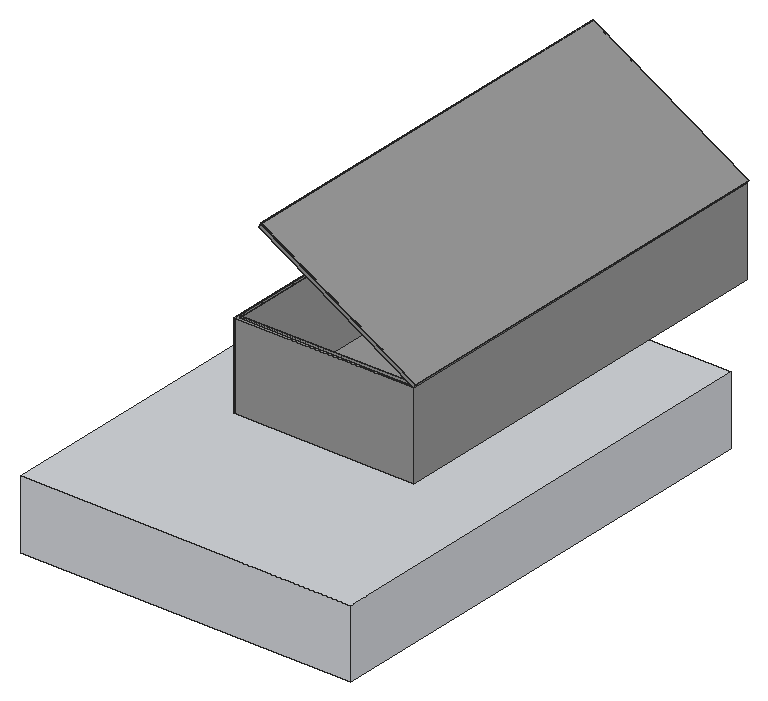
Revit family "Hager-Univers-IP41-D400-H1850-Cl.I-Steel_encl-PL-pl", category Equipement électrique, Revit 2020
Family settings
  Hôte = Face
  Configuration du panneau = Deux colonnes, circuits au sein
  Cote de connecteur circulaire = Utiliser le diamètre
  Type d'élément = Tableau de raccordement
  Couper avec des vides une fois chargée = Non
  Partagée = Non
  Point de calcul de pièce = Non
Parameters (values of type "Montaż natynkowy IP41 S800 W1850 G400  - FS23G")
  Width Control [instance] = if([EF000008 - Szerokość] > Min Width, [EF000008 - Szerokość], Min Width)  # 800 mm
  Commentaires du type = [HG000003 - Zakres]  # "Univers"
  Thickness Door [instance] = if([EF009171 - Drzwi/pokrywa z materiału o wysokiej wytrzymałości mechanicznej] > 3 mm, 3 mm, [EF009171 - Drzwi/pokrywa z materiału o wysokiej wytrzymałości mechanicznej])  # 1.5 mm
  Seal Frame Offset [instance] = 17 mm  # constant formula
  Plinth Visibility [instance] = [HG000027 - Wysokość cokołu] > 0 mm  # no
  Model = ""
  Min Width [instance] = 100 mm  # constant formula
  Min Height [instance] = 100 mm  # constant formula
  Min Depth [instance] = (2 * [EF009170 - Obudowa z materiału o wysokiej wytrzymałości mechanicznej]) + 1 mm  # 4 mm
  Internal Frame Depth [instance] = (Door System Depth * 0.5)  # 9 mm
  Height Control [instance] = if([EF000040 - Wysokość] > Min Height, [EF000040 - Wysokość], Min Height)  # 1850 mm
  HG000027 - Wysokość cokołu = 0 mm
  HG000026 - Stojąca = no
  HG000024 - Wysokość części dolnej = 800 mm
  HG000023 - Obudowa dwusekcyjna = no
  HG000016 - Widoczność drzwi w widoku 3D [instance] = yes
  HG000015 - Przestrzeń robocza - otwarcie drzwi [instance] = no
  HG000014 - Drzwi prawe [instance] = yes
  HG000013 - Drzwi lewe [instance] = not([HG000014 - Drzwi prawe])  # no
  HG000012 - Kąt otwarcia drzwi [instance] = 30.00°
  HG000010 - Drzwi asymetryczne = no
  HG000009 - Drzwi dwuskrzydłowe = no
  HG000006 - Montaż podtynkowy = no
  HG000004 - Referencja producenta = "FS23G"
  HG000003 - Zakres = "Univers"
  HG000002 - Z drzwiami lub pokrywą = yes
  Frame Offset Bottom [instance] = 10 mm  # constant formula
  Frame Offset [instance] = 15 mm  # constant formula
  EF015940 - Pokrywa z wyzwalaczem nadciśnieniowym = no
  EF011959 - Stopień ochrony (NEMA) = ""
  EF009554 - Liczba otworów pod flansze = 6
  Fabricant = "Hager"  # constant formula
  EF009212 - Wykonanie pokrywy = "EV000116 - Zamknięty"
  EF009171 - Drzwi/pokrywa z materiału o wysokiej wytrzymałości mechanicznej = 1.5 mm
  EF009170 - Obudowa z materiału o wysokiej wytrzymałości mechanicznej = 1.5 mm
  EF008873 - Prąd znamionowy (In) = 800 A
  EF007800 - Do ochrony odgromowej = no
  EF006306 - Z zamkiem = no
  EF006244 - Transparentna pokrywa/drzwi = no
  EF005474 - Stopień ochrony (IP) = "EV006416 - IP41"
  EF004464 - Rodzaj drzwi = "EV002646 - Pojedynczy"
  EF004427 - Liczba modułów = 432
  EF004293 - Odporność udarowa = "EV006813 - IK07"
  EF003532 - Do zastosowań zewnętrznych = no
  EF002950 - Szerokość wyrażona liczbą modułów = 24
  EF001613 - Podtrzymanie funkcji = "EV000494 - Brak"
  EF001596 - Materiał obudowy = "EV000179 - Stal"
  EF001131 - Głębokość wewnętrzna = 400 mm
  EF001088 - Możliwość rozbudowy = yes
  EF000437 - Liczba wejść kablowych = 6
  EF000339 - Rodzaj pokrywy = "EV004216 - Drzwi"
  EF000266 - Liczba rzędów = 12
  EF000218 - Głębokość wbudowania = 0 mm
  EF000118 - Z płytą montażową = no
  EF000116 - Numer RAL = "7035"
  EF000049 - Głębokość = 400 mm
  EF000040 - Wysokość = 1850 mm
  EF000008 - Szerokość = 800 mm
  EF000007 - Kolor = "EV000270 - Szary"
  EF000003 - Sposób montażu = "EV000384 - Montaż natynkowy"
  Door System Leaf Tolerance [instance] = 1.5 mm  # constant formula
  Door System Depth [instance] = 18 mm  # constant formula
  Door Height [instance] = Height Control - [HG000027 - Wysokość cokołu]  # 1850 mm
  Depth Control [instance] = if([EF000049 - Głębokość] > Min Depth, [EF000049 - Głębokość], Min Depth)  # 400 mm
  Default Elevation = 0 mm
  Connector Offset [instance] = Height Control / 2  # 925 mm
  Bottom Top Plate Trim [instance] = 1.5 mm  # constant formula
  Plinth height Ctrl [instance] = if([HG000027 - Wysokość cokołu] > 0 mm, [HG000027 - Wysokość cokołu], 12 mm)  # 12 mm
Types (5, lengths in mm): name | Width Control | HG000009 - Drzwi dwuskrzydłowe | HG000004 - Referencja producenta | EF009554 - Liczba otworów pod flansze | EF004464 - Rodzaj drzwi | EF004427 - Liczba modułów | EF000437 - Liczba wejść kablowych | EF000008 - Szerokość
  Montaż natynkowy IP41 S1050 W1850 G400  - FS24G | 1050 | yes | "FS24G" | 8 | "EV003602 - Podwójny" | 576 | 8 | 1050
  Montaż natynkowy IP41 S1300 W1850 G400  - FS25G | 1300 | yes | "FS25G" | 10 | "EV003602 - Podwójny" | 720 | 10 | 1300
  Montaż natynkowy IP41 S300 W1850 G400  - FS21G | 300 | no | "FS21G" | 2 | "EV002646 - Pojedynczy" | 144 | 2 | 300
  Montaż natynkowy IP41 S550 W1850 G400  - FS22G | 550 | no | "FS22G" | 4 | "EV002646 - Pojedynczy" | 288 | 4 | 550
  Montaż natynkowy IP41 S800 W1850 G400  - FS23G | 800 | no | "FS23G" | 6 | "EV002646 - Pojedynczy" | 432 | 6 | 800
Reference planes
  plane 1 "Center (Front/Back)": y = 0
  plane 2: z = 0
  plane 3 "Center (Left/Right)": x = 0
  plane 4: z = 400
  plane 5: y = 1.5
  plane 6: y = 925
  plane 7: y = 0
  plane 8: y = 1850
  plane 9: z = 0
  plane 10: x = -385
  plane 11: x = 385
  plane 12: x = 383.5
  plane 13: x = -383.5
  plane 14: y = 1848.5
  plane 15: x = -383
  plane 16: x = -400
  plane 17: x = 383
  plane 18: x = 400
  plane 19: x = 398.5
  plane 20: x = -398.5
  plane 21: y = 11.5
  plane 22: y = 1850
  plane 23: y = 1833.5
  plane 24: z = 382
  plane 25: z = 1.5
  plane 26: z = 380.5
  plane 27: z = 398.5
Forms (mm)
  Extrusion 1, solid
    sketch origin (0, 0, 0) x (1, 0, 0) y (0, 1, 0)
      loop
        line (-702.964, 1305) -> (-702.964, -811.445) -> (766.763, -811.445) -> (766.763, 1305) -> (-702.964, 1305)
    from 0 to -304.8
  Extrusion 2, solid, material "Hager_Steel_RAL7035_Light_Grey", visible <- "Plinth Visibility", detail levels medium+fine
    sketch origin (0, 0, 0) x (1, 0, 0) y (0, 1, 0)
      loop
        line (-400, 0) -> (400, 0) -> (400, 12) -> (-400, 12) -> (-400, 0)
    from 0 to 382
  Extrusion 3, solid, material "Hager_Steel_RAL7035_Light_Grey", detail levels medium+fine
    sketch origin (0, 0, 0) x (1, 0, 0) y (0, 1, 0)
      loop
        line (-400, 0) -> (400, 0) -> (400, 1850) -> (-400, 1850) -> (-400, 0)
    from 0 to 382
  Extrusion 4, void
    sketch origin (0, 0, 0) x (1, 0, 0) y (0, 1, 0)
      loop
        line (-398.5, 1.5) -> (398.5, 1.5) -> (398.5, 1848.5) -> (-398.5, 1848.5) -> (-398.5, 1.5)
    from 1.5 to 380.5
  Extrusion 5, void
    sketch origin (-381.607, -4572, 382) x (0, -1, 0) y (-1, 0, 0)
      loop
        line (-4583.5, 1.893) -> (-6405.5, 1.893) -> (-6405.5, -765.107) -> (-4583.5, -765.107) -> (-4583.5, 1.893)
    from 0 to 1.5 <- "EF009170 - Obudowa z materiału o wysokiej wytrzymałości mechanicznej"
  Extrusion 6, solid, material "Hager_Steel_RAL7035_Light_Grey", detail levels fine
    sketch origin (0, 0, 382) x (1, 0, 0) y (0, 1, 0)
      loop
        line (-383.5, 1833.5) -> (-383.5, 11.5) -> (383.5, 11.5) -> (383.5, 1833.5) -> (-383.5, 1833.5)
      loop
        line (-385, 10) -> (385, 10) -> (385, 1835) -> (-385, 1835) -> (-385, 10)
    from 0 to 9 <- "Internal Frame Depth"
  Extrusion 7, solid, material "Hager_Steel_RAL7035_Light_Grey", detail levels coarse
    sketch origin (0, 0, 0) x (1, 0, 0) y (0, 1, 0)
      loop
        line (-400, 0) -> (400, 0) -> (400, 1850) -> (-400, 1850) -> (-400, 0)
    from 0 to 400
  Sweep 8, void
    path in 3D
      loop
        line (-400, 12, 0) -> (400, 12, 0) -> (400, 12, 382) -> (-400, 12, 382) -> (-400, 12, 0)
    profile origin (-400, 12, 191) x (-1, 0, 0) y (0, -1, 0)
      loop
        line (0, 0) -> (0, 1.5) -> (-1.5, 1.5)
        arc (-1.5, 1.5) -> (-1.061, 0.439) -> (0, 0) r 1.5
Cuts and joins
  Extrusion 4, Extrusion 5 cuts Extrusion 3
  Sweep 8 cuts Extrusion 2
Lines and regions (mm)
  Masking region 1
    outline origin (0, 0, 0) x (1, 0, 0) y (0, 0, 1)
      loop
        line (-400, 400) -> (-400, 0) -> (400, 0) -> (400, 400) -> (-400, 400)
  Masking region 2, detail levels medium+fine
    outline origin (0, 140, 0) x (0, 1, 0) y (0, 0, 1)
      loop
        line (-140, 0) -> (1710, 0) -> (1710, 382) -> (-140, 382) -> (-140, 0)
  Masking region 3, not visible, detail levels medium+fine
    outline origin (0, 297.922, 0) x (0, 1, 0) y (0, 0, 1)
      loop
        line (638.578, 0) -> (678.578, 0) -> (678.578, 388.5)
        arc (678.578, 388.5) -> (675.649, 395.571) -> (668.578, 398.5) r 10
        line (668.578, 398.5) -> (638.578, 398.5) -> (638.578, 0)
  Masking region 4, detail levels coarse
    outline origin (0, 0, 180) x (0, 1, 0) y (0, 0, 1)
      loop
        line (0, -180) -> (1850, -180) -> (1850, 220) -> (0, 220) -> (0, -180)
  Masking region 5, visible <- "Plinth Visibility", detail levels medium+fine
    outline origin (0, 52.24, 12.345) x (0, 0, -1) y (0, 1, 0)
      loop
        line (10.845, -40.24) -> (-368.155, -40.24)
        arc (-368.155, -40.24) -> (-368.594, -41.301) -> (-369.655, -41.74) r 1.5
        line (-369.655, -41.74) -> (-369.655, -52.24) -> (12.345, -52.24) -> (12.345, -41.74)
        arc (12.345, -41.74) -> (11.285, -41.301) -> (10.845, -40.24) r 1.5
  Masking region 6, detail levels medium+fine
    outline origin (-381.607, -4572, 382) x (-1, 0, 0) y (0, -1, 0)
      loop
        line (18.393, -6422) -> (18.393, -4572) -> (-781.607, -4572) -> (-781.607, -6422) -> (18.393, -6422)
  Masking region 7, visible <- "Plinth Visibility", detail levels medium+fine
    outline origin (-381.607, -4727, 382) x (-1, 0, 0) y (0, -1, 0)
      loop
        arc (16.893, -4739) -> (17.332, -4737.939) -> (18.393, -4737.5) r 1.5
        line (18.393, -4737.5) -> (18.393, -4727) -> (-781.607, -4727) -> (-781.607, -4737.5)
        arc (-781.607, -4737.5) -> (-780.546, -4737.939) -> (-780.107, -4739) r 1.5
        line (-780.107, -4739) -> (16.893, -4739)
  Masking region 8, detail levels coarse
    outline origin (-442.548, -4669.526, 382) x (-1, 0, 0) y (0, -1, 0)
      loop
        line (-42.548, -6519.526) -> (-42.548, -4669.526) -> (-842.548, -4669.526) -> (-842.548, -6519.526) -> (-42.548, -6519.526)
  sketch lines
    curve 1: line (-400, 12, 382) -> (-400, 12, 0)
    curve 2: line (400, 12, 382) -> (-400, 12, 382)
    curve 3: line (400, 12, 382) -> (400, 12, 0)
    curve 4: line (-400, 12, 0) -> (400, 12, 0)
Dimensions and locks
  "Depth Control": plane 4 to Extrusion 1
  "HG000027 - Wysokość cokołu": plane 1 "Center (Front/Back)" to plane 7
  "EF009170 - Obudowa z materiału o wysokiej wytrzymałości mechanicznej": plane 5 to plane 7
  locked: connector elem to plane 3 "Center (Left/Right)"
  equal spacing: plane 8, plane 6, plane 7
  locked: connector elem to plane 6
  "EF009170 - Obudowa z materiału o wysokiej wytrzymałości mechanicznej": plane 8 to plane 14
  "EF009170 - Obudowa z materiału o wysokiej wytrzymałości mechanicznej": plane 10 to plane 13
  "EF009170 - Obudowa z materiału o wysokiej wytrzymałości mechanicznej": plane 12 to plane 11
  "Frame Offset": plane 20 to plane 13
  "Frame Offset": plane 12 to plane 19
  "EF009170 - Obudowa z materiału o wysokiej wytrzymałości mechanicznej": plane 16 to plane 20
  "EF009170 - Obudowa z materiału o wysokiej wytrzymałości mechanicznej": plane 19 to plane 18
  "Seal Frame Offset": plane 16 to plane 15
  "Seal Frame Offset": plane 17 to plane 18
  "Frame Offset Bottom": plane 21 to plane 5
  "Frame Offset": plane 14 to plane 23
  equal spacing: plane 16, plane 3 "Center (Left/Right)", plane 18
  "Width Control": plane 16 to plane 18
  "EF009170 - Obudowa z materiału o wysokiej wytrzymałości mechanicznej": plane 4 to plane 27
  "EF009170 - Obudowa z materiału o wysokiej wytrzymałości mechanicznej": plane 24 to plane 26
  "EF009170 - Obudowa z materiału o wysokiej wytrzymałości mechanicznej": plane 25 to level
  "Door System Depth": plane 4 to plane 24
  "Height Control": plane 1 "Center (Front/Back)" to Extrusion 7 sketch curve
  "Height Control": Masking region 4 sketch curve to plane 1 "Center (Front/Back)"
  "Height Control": plane 1 "Center (Front/Back)" to plane 22
  "Bottom Top Plate Trim": profile plane to Sweep 8 sketch curve
  "Bottom Top Plate Trim": Sweep 8 sketch curve to profile plane
  "Plinth height Ctrl": plane 1 "Center (Front/Back)" to Extrusion 2 sketch curve
  "Plinth height Ctrl": Masking region 5 sketch curve to plane 1 "Center (Front/Back)"
  "Plinth height Ctrl": plane 1 "Center (Front/Back)" to Masking region 7 sketch curve
  "Thickness Door": Extrusion 6 sketch curve to Extrusion 6 sketch curve  (x3)
  "Thickness Door": cut or joined group of Extrusion 3, Extrusion 4, Extrusion 5 to Extrusion 6 sketch curve
  radius of Masking region 3 sketch curve = 10 mm
  "Bottom Top Plate Trim": radius of Masking region 5 sketch curve  (x2)
  "Bottom Top Plate Trim": radius of Sweep 8 sketch curve
  "Bottom Top Plate Trim": radius of Masking region 7 sketch curve  (x2)
  aligned and locked: plane 2 to Extrusion 1
  aligned and locked: level to Extrusion 1
  aligned and locked: level to Masking region 1 sketch curve
  aligned and locked: Masking region 1 sketch curve to plane 18
  aligned and locked: Masking region 1 sketch curve to plane 16
  aligned and locked: plane 7 to Masking region 2 sketch curve
  aligned and locked: level to Masking region 3 sketch curve
  aligned and locked: Masking region 3 sketch curve to plane 27
  aligned and locked: level to Masking region 2 sketch curve
  aligned and locked: plane 1 "Center (Front/Back)" to Extrusion 2 sketch curve
  aligned and locked: Extrusion 3 sketch curve to plane 7
  aligned and locked: plane 16 to Extrusion 3 sketch curve
  aligned and locked: plane 18 to Extrusion 3 sketch curve
  aligned and locked: plane 20 to Extrusion 4 sketch curve
  aligned and locked: plane 19 to Extrusion 4 sketch curve
  aligned and locked: Extrusion 4 sketch curve to plane 5
  aligned and locked: Extrusion 4 to plane 25
  aligned and locked: plane 26 to Extrusion 4
  aligned and locked: plane 24 to Extrusion 3
  aligned and locked: Extrusion 5 sketch curve to plane 21
  aligned and locked: Extrusion 5 sketch curve to plane 13
  aligned and locked: Extrusion 5 sketch curve to plane 12
  aligned and locked: plane 18 to Extrusion 7 sketch curve
  aligned and locked: plane 1 "Center (Front/Back)" to Extrusion 7 sketch curve
  aligned and locked: plane 16 to Extrusion 7 sketch curve
  aligned and locked: plane 4 to Extrusion 7
  aligned and locked: Extrusion 7 to level
  aligned and locked: level to Masking region 4 sketch curve
  aligned and locked: Masking region 4 sketch curve to plane 1 "Center (Front/Back)"
  aligned and locked: Masking region 4 sketch curve to plane 4
  aligned and locked: nested 1 to level
  aligned and locked: nested 1 to plane 16
  aligned and locked: plane 8 to Extrusion 3 sketch curve
  aligned and locked: plane 23 to Extrusion 5 sketch curve
  aligned and locked: plane 14 to Extrusion 4 sketch curve
  aligned and locked: Masking region 2 sketch curve to plane 8
  aligned and locked: level to Masking region 5 sketch curve
  aligned and locked: plane 16 to Extrusion 2 sketch curve
  aligned and locked: plane 18 to Extrusion 2 sketch curve
  aligned and locked: Masking region 5 sketch curve to plane 24
  aligned and locked: Masking region 2 sketch curve to plane 24
  aligned and locked: plane 24 to Extrusion 2
  aligned and locked: profile plane to Sweep 8 sketch curve  (x2)
  aligned and locked: Masking region 6 sketch curve to plane 18
  aligned and locked: Masking region 6 sketch curve to plane 22
  aligned and locked: Masking region 6 sketch curve to plane 16
  aligned and locked: plane 8 to plane 22
  aligned and locked: Masking region 6 sketch curve to plane 7
  aligned and locked: Masking region 7 sketch curve to plane 16
  aligned and locked: Masking region 7 sketch curve to plane 1 "Center (Front/Back)"
  aligned and locked: Masking region 7 sketch curve to plane 18
  aligned and locked: Masking region 8 sketch curve to plane 1 "Center (Front/Back)"
  aligned and locked: Masking region 8 sketch curve to plane 18
  aligned and locked: Masking region 8 sketch curve to plane 22
  aligned and locked: Masking region 8 sketch curve to plane 16
  aligned and locked: nested 2 to plane 7
  aligned and locked: plane 3 "Center (Left/Right)" to nested 2
  aligned and locked: nested 2 to plane 24
  aligned and locked: Extrusion 6 sketch curve to cut or joined group of Extrusion 3, Extrusion 4, Extrusion 5  (x4)
Automatic sketch dimensions
  Extrusion 1 sketch curve to Extrusion 1 sketch curve = 1469.727 mm
  Extrusion 1 sketch curve to Extrusion 1 sketch curve = 2116.445 mm
  Masking region 1 sketch curve to plane 4 = 0 mm
  plane 6 to Masking region 3 sketch curve = 11.5 mm
  Masking region 3 sketch curve to Masking region 3 sketch curve = 30 mm
  Masking region 5 sketch curve to plane 1 "Center (Front/Back)" = 0 mm
Nested families
  nested 1: "Hager_Enclosure_Symbol" at (-400, 0, 0) x (1, 0, 0) z (0, -1, 0), Height <- "Depth Control", Width <- "Width Control", type "Hager_Enclosure_Symbol"
    with Width_Ctrl 800 mm, Width 800 mm, Height_Ctrl 400 mm, Height 400 mm, A_Width_Int 26.25 mm, A_Width 315 mm, A_Height_Ctrl 350 mm, A_Height 350 mm
  nested 2: "EC000058_Univers_Door" at (0, 0, 382) x (1, 0, 0) z (0, 1, 0), Leaf_Tolerance <- "Door System Leaf Tolerance", Angle <- "HG000012 - Kąt otwarcia drzwi", Door_Depth <- "Door System Depth", Door_Left <- "HG000013 - Drzwi lewe", Transparent <- "EF006244 - Transparentna pokrywa/drzwi", Assymetrical <- "HG000010 - Drzwi asymetryczne", Width <- "Width Control", Clearance <- "HG000015 - Przestrzeń robocza - otwarcie drzwi", Double <- "HG000009 - Drzwi dwuskrzydłowe", 3d_Door <- "HG000016 - Widoczność drzwi w widoku 3D", Lock_Visibility <- "EF006306 - Z zamkiem", Width_Ctrl <- "Width Control", Door_Right <- "HG000014 - Drzwi prawe", Door <- "HG000002 - Z drzwiami lub pokrywą", Height <- "Door Height", Thickness <- "Thickness Door", type "EC000058_Univers_Door", detail levels medium+fine
    with min_wh 4 mm, Width_Ctrl 800 mm, Width 800 mm, Transparent no, Thickness 1.5 mm, Seal_Material Hager_Rubber, Lock_Visibility no, Lock_Material Hager_Plastic_RAL9005_Jet_Black, Leaf_Width 800 mm, Leaf_Tolerance_External_Sides 0 mm, Leaf_Tolerance 1.5 mm, Leaf_Offset 0 mm, Leaf_Height 1847 mm, Leaf_2_Width 800 mm, Leaf_2_Offset 400 mm, Leaf_1_Width 800 mm, Leaf_1_Offset 400 mm, Height_Ctrl 1850 mm, Height 1850 mm, Glass_Material Hager_Glass, Double_Clearance_Ctrl no, Double no, Door_Right_Ctrl yes, Door_Right yes, Door_Material Hager_Steel_RAL7035_Light_Grey, Door_Left_Ctrl no, Door_Left no, Door_Depth 18 mm, Door yes, Clearance_Material Hager_Clearance, Clearance_Depth 800 mm, Clearance_Ctrl no, Clearance no, Assymetrical no, Angle 30.00°, 3d_Door yes
Connectors
  electrical at (0, 925, 0)
    settings: on plane 9, index 1, voltage 0 V, apparent load 0 VA, apparent load phase1 0 VA, apparent load phase2 0 VA, apparent load phase3 0 VA, power factor 1, load classification "Other", number of poles 1, system type 30, power factor state 1, is connector primary yes, connector utility no, sub classification motor no, connector description ""
Definition of nested family "EC000058_Univers_Door"
  Parameters (values of type "EC000058_Univers_Door")
    min_wh [instance] = (2 * Thickness) + 1 mm  # 11 mm
    Width_Ctrl [instance] = 400 mm
    Width [instance] = 500 mm
    Transparent [instance] = yes
    Thickness [instance] = 5 mm
    Seal_Material [instance] = none
    Lock_Visibility [instance] = yes
    Lock_Material [instance] = none
    Leaf_Width [instance] = if((Width_Ctrl - 2 * Leaf_Tolerance_External_Sides) > 0 mm, (Width_Ctrl - 2 * Leaf_Tolerance_External_Sides), min_wh)  # 400 mm
    Leaf_Tolerance_External_Sides [instance] = 0 mm  # constant formula
    Leaf_Tolerance [instance] = 1.5 mm
    Leaf_Offset [instance] = 0 mm  # constant formula
    Leaf_Height [instance] = if((Height_Ctrl - 2 * Leaf_Tolerance) > 0 mm, (Height_Ctrl - 2 * Leaf_Tolerance), min_wh)  # 497 mm
    Leaf_2_Width [instance] = if(and(and(Double, Assymetrical), Door_Left), (Leaf_Width / 3) - (Leaf_Tolerance / 2), if(and(and(Double, Assymetrical), Door_Right), (Leaf_Width / 3) * 2 - (Leaf_Tolerance / 2), if(and(Double, not(Assymetrical)), (Leaf_Width / 2) - Leaf_Tolerance, Leaf_Width)))  # 400 mm
    Leaf_2_Offset [instance] = if(and(Double, Assymetrical), Leaf_2_Width / 2, if(and(Double, not(Assymetrical)), Leaf_Width / 4, Leaf_Width / 2))  # 200 mm
    Leaf_1_Width [instance] = if(and(and(Double, Assymetrical), Door_Right), (Leaf_Width / 3) - (Leaf_Tolerance / 2), if(and(and(Double, Assymetrical), Door_Left), (Width / 3) * 2 - (Leaf_Tolerance / 2), if(and(Double, not(Assymetrical)), (Leaf_Width / 2) - Leaf_Tolerance, Leaf_Width)))  # 400 mm
    Leaf_1_Offset [instance] = if(and(Double, Assymetrical), Leaf_1_Width / 2, if(and(Double, not(Assymetrical)), Leaf_Width / 4, Leaf_Width / 2))  # 200 mm
    Height_Ctrl [instance] = if(Height > min_wh, Height, min_wh)  # 500 mm
    Height [instance] = 500 mm
    Glass_Material [instance] = none
    Double_Clearance_Ctrl [instance] = and(Double, Clearance)  # no
    Double [instance] = no
    Door_Right_Ctrl [instance] = and(or(Door_Right, Double), Door)  # yes
    Door_Right [instance] = yes
    Door_Material [instance] = none
    Door_Left_Ctrl [instance] = and(or(Door_Left, Double), Door)  # no
    Door_Left [instance] = no
    Door_Depth [instance] = 30 mm
    Door [instance] = yes
    Default Elevation = 1219.2 mm
    Clearance_Material [instance] = none
    Clearance_Depth [instance] = if(Leaf_1_Width > Leaf_2_Width, Leaf_1_Width, Leaf_2_Width)  # 400 mm
    Clearance_Ctrl [instance] = and(not(Double), Clearance)  # yes
    Clearance [instance] = yes
    Assymetrical [instance] = yes
    Angle [instance] = 30.00°
    3d_Door [instance] = yes
  Reference planes
    plane 1 "Center (Front/Back)": y = 0
    plane 2 "Bottom": z = 0
    plane 3 "Center (Left/Right)": x = 0
    plane 4: z = 500
    plane 5: x = -200
    plane 6: x = 200
    plane 7: z = 500
    plane 8: x = -200
    plane 9: z = 0
    plane 10: x = 200
    plane 11: y = 0
    plane 12: z = 1.5
    plane 13: x = -600
    plane 14: y = -400
    plane 15: x = 600
    plane 16: x = 0
    plane 17: x = 0
    plane 18: x = -200
    plane 19: x = 200
    plane 20: z = 498.5
  Forms (mm)
    Extrusion 1, solid, material <- "Clearance_Material", visible <- "Double_Clearance_Ctrl"
      sketch origin (1200, 0, 0) x (1, 0, 0) y (0, 0, -1)
        loop
          line (-1800, -498.5) -> (-600, -498.5) -> (-600, 0) -> (-1800, 0) -> (-1800, -498.5)
      from 0 to -400
  Dimensions and locks
    equal spacing: plane 5, plane 3 "Center (Left/Right)", plane 6
    "Width_Ctrl": plane 5 to plane 6
    "Leaf_Offset": plane 5 to plane 8
    "Leaf_Offset": plane 6 to plane 10
    "Leaf_Offset": plane 9 to level
    "Leaf_Offset": plane 4 to plane 7
    "Height_Ctrl": plane 4 to level
    "Leaf_Tolerance": plane 12 to plane 9
    locked: plane 11 to plane 1 "Center (Front/Back)"
    "Leaf_1_Offset": plane 18 to plane 16
    "Leaf_2_Offset": plane 17 to plane 19
    "Leaf_1_Width": plane 13 to plane 8
    "Leaf_2_Width": plane 10 to plane 15
    "Clearance_Depth": plane 14 to plane 1 "Center (Front/Back)"
    "Leaf_Tolerance_External_Sides": plane 8 to plane 18
    "Leaf_Tolerance_External_Sides": plane 19 to plane 10
    "Leaf_Tolerance": plane 7 to plane 20
    aligned and locked: level to plane 2 "Bottom"
    aligned and locked: nested 1 to plane 16
    aligned and locked: nested 2 to plane 17
    aligned and locked: Extrusion 1 to plane 13
    aligned and locked: plane 15 to Extrusion 1
    aligned and locked: Extrusion 1 to plane 14
    aligned and locked: plane 12 to nested 1
    aligned and locked: nested 2 to plane 12
    aligned and locked: Extrusion 1 to plane 11
    aligned and locked: plane 20 to Extrusion 1
    aligned and locked: nested 2 to plane 11
    aligned and locked: nested 1 to plane 11
  Automatic sketch dimensions
    Extrusion 1 sketch curve to level = 0 mm
    plane 5 to Extrusion 1 sketch curve = 400 mm
    plane 6 to Extrusion 1 sketch curve = 400 mm
    Extrusion 1 sketch curve to plane 4 = 1.5 mm
  Nested families
    nested 1: "EC000058_Univers_Door_Leaf" at (0, 0, 1.5), Width <- "Leaf_1_Width", visible <- "Door_Left_Ctrl", Leaf_Height <- "Leaf_Height", Angle <- "Angle", 3d_Door <- "3d_Door", Transparent <- "Transparent", Clearance Material <- "Clearance_Material", Clearance <- "Clearance_Ctrl", Door_Material <- "Door_Material", Glass_Material <- "Glass_Material", Door_Depth <- "Door_Depth", Lock_Material <- "Lock_Material", Seal_Material <- "Seal_Material", Lock_Visibility <- "Lock_Visibility", Thickness <- "Thickness", type "EC000058_Univers_Door_Leaf"
      with Width 400 mm, Transparent_Glass_Offset 30 mm, Transparent_Ctrl yes, Transparent yes, Thickness 5 mm, Standard no, Seal_Material none, Seal_D2 8 mm, Seal_D1 1 mm, Offset_Internal_Frame 10 mm, Lock_Width 20 mm, Lock_Visibility_3d yes, Lock_Visibility yes, Lock_Thickness_3 3 mm, Lock_Thickness_2 1 mm, Lock_Thickness_1 3 mm, Lock_Radius_Offset_2 16 mm, Lock_Radius_Offset_1 15 mm, Lock_Radius_2 5 mm, Lock_Radius 6 mm, Lock_Offset 5 mm, Lock_Material none, Lock_Height 80 mm, Lock_Cover_Top_Offset_2d 17 mm, Lock_Cover_Height -65 mm, Leaf_Height 497 mm, Internal_Seal_Thickness 8 mm, Internal_Seal_Depth_2 4.5 mm, Internal_Frame_Depth 25 mm, Glass_Thickness -1 mm, Glass_Offset -2 mm, Glass_Material none, Door_Material none, Door_Depth 30 mm, Clearance Material none, Clearance yes, Angle_Ctrl 30.00°, Angle 30.00°, 3d_Door yes
    nested 2: "EC000058_Univers_Door_Leaf" at (0, 0, 1.5) x (-1, 0, 0) z (0, 0, 1), Width <- "Leaf_2_Width", visible <- "Door_Right_Ctrl", Leaf_Height <- "Leaf_Height", Angle <- "Angle", 3d_Door <- "3d_Door", Transparent <- "Transparent", Clearance Material <- "Clearance_Material", Clearance <- "Clearance_Ctrl", Door_Material <- "Door_Material", Glass_Material <- "Glass_Material", Door_Depth <- "Door_Depth", Lock_Material <- "Lock_Material", Seal_Material <- "Seal_Material", Lock_Visibility <- "Lock_Visibility", Thickness <- "Thickness", type "EC000058_Univers_Door_Leaf"
      with Width 400 mm, Transparent_Glass_Offset 30 mm, Transparent_Ctrl yes, Transparent yes, Thickness 5 mm, Standard no, Seal_Material none, Seal_D2 8 mm, Seal_D1 1 mm, Offset_Internal_Frame 10 mm, Lock_Width 20 mm, Lock_Visibility_3d yes, Lock_Visibility yes, Lock_Thickness_3 3 mm, Lock_Thickness_2 1 mm, Lock_Thickness_1 3 mm, Lock_Radius_Offset_2 16 mm, Lock_Radius_Offset_1 15 mm, Lock_Radius_2 5 mm, Lock_Radius 6 mm, Lock_Offset 5 mm, Lock_Material none, Lock_Height 80 mm, Lock_Cover_Top_Offset_2d 17 mm, Lock_Cover_Height -65 mm, Leaf_Height 497 mm, Internal_Seal_Thickness 8 mm, Internal_Seal_Depth_2 4.5 mm, Internal_Frame_Depth 25 mm, Glass_Thickness -1 mm, Glass_Offset -2 mm, Glass_Material none, Door_Material none, Door_Depth 30 mm, Clearance Material none, Clearance yes, Angle_Ctrl 30.00°, Angle 30.00°, 3d_Door yes
  Definition of nested family "EC000058_Univers_Door_Leaf"
    Parameters (values of type "EC000058_Univers_Door_Leaf")
      Width [instance] = 2000 mm
      Transparent_Glass_Offset [instance] = 30 mm
      Transparent_Ctrl [instance] = and(Transparent, [3d_Door])  # yes
      Transparent [instance] = yes
      Thickness [instance] = 5 mm
      Standard [instance] = and(not(Transparent), [3d_Door])  # no
      Seal_Material [instance] = none
      Seal_D2 [instance] = 8 mm  # constant formula
      Seal_D1 [instance] = 1 mm  # constant formula
      Offset_Internal_Frame [instance] = 10 mm  # constant formula
      Lock_Width [instance] = 20 mm  # constant formula
      Lock_Visibility_3d [instance] = and(Lock_Visibility, [3d_Door])  # yes
      Lock_Visibility [instance] = yes
      Lock_Thickness_3 [instance] = 3 mm  # constant formula
      Lock_Thickness_2 [instance] = 1 mm  # constant formula
      Lock_Thickness_1 [instance] = 3 mm  # constant formula
      Lock_Radius_Offset_2 [instance] = Lock_Radius_Offset_1 + 1 mm  # 16 mm
      Lock_Radius_Offset_1 [instance] = 15 mm  # constant formula
      Lock_Radius_2 [instance] = Lock_Radius - 1 mm  # 5 mm
      Lock_Radius [instance] = 6 mm  # constant formula
      Lock_Offset [instance] = 5 mm  # constant formula
      Lock_Material [instance] = none
      Lock_Height [instance] = 80 mm  # constant formula
      Lock_Cover_Top_Offset_2d [instance] = Lock_Radius_Offset_2 + 1 mm  # 17 mm
      Lock_Cover_Height [instance] = -(Lock_Height - Lock_Radius_Offset_1)  # -65 mm
      Leaf_Height [instance] = 2720.336 mm
      Internal_Seal_Thickness [instance] = 8 mm  # constant formula
      Internal_Seal_Depth_2 [instance] = 4.5 mm  # constant formula
      Internal_Frame_Depth [instance] = if(Door_Depth - Thickness > 5 mm, Door_Depth - Thickness, 5 mm)  # 25 mm
      Glass_Thickness [instance] = if(Thickness > 15 mm, Glass_Offset + 10 mm, -1 mm)  # -1 mm
      Glass_Offset [instance] = if(Thickness > 15 mm, -(Thickness + 10 mm) / 2, -2 mm)  # -2 mm
      Glass_Material [instance] = none
      Door_Material [instance] = none
      Door_Depth [instance] = 30 mm
      Default Elevation = 0 mm
      Clearance Material [instance] = none
      Clearance [instance] = yes
      Angle_Ctrl [instance] = if(Angle > 180.00°, 180.00°, Angle)  # 90.00°
      Angle [instance] = 90.00°
      3d_Door [instance] = yes
    Reference planes
      plane 1 "Center (Front/Back)": y = 0
      plane 2: z = 0
      plane 3 "Center (Left/Right)": x = 0
      plane 4: y = 2000
      plane 5: x = -1000
      plane 6: x = 1000
      plane 7: x = -3000
      plane 8: z = 2720.336
      plane 9: z = 30
      plane 10: z = 2690.336
      plane 11: x = 970
      plane 12: x = -970
      plane 13: y = -3
      plane 14: z = 107.833
      plane 15: y = -5
      plane 16: y = -223.314
      plane 17: x = -1000
      plane 18: z = 1360.168
      plane 19: y = 30
    Forms (mm)
      Extrusion 1, solid, material <- "Clearance Material", visible <- "Clearance"
        sketch origin (0, 0, 0) x (1, 0, 0) y (0, 0, 1)
          loop
            line (-3000, 2720.336) -> (-3000, 0) -> (1000, 0) -> (1000, 2720.336) -> (-3000, 2720.336)
        from 0 to -2000
      Extrusion 2, solid, material <- "Door_Material", visible <- "Standard", detail levels medium+fine
        sketch origin (-1000, 0, 0) x (0, 1, 0) y (-1, 0, 0)
          loop
            line (0, 30) -> (0, 25) -> (2000, 25) -> (2000, 30) -> (0, 30)
        from 0 to 2720.336 <- "Leaf_Height"
      Extrusion 3, solid, material <- "Door_Material", visible <- "Transparent_Ctrl", detail levels medium+fine
        sketch origin (-1000, 0, 0) x (0, 1, 0) y (-1, 0, 0)
          loop
            line (0, 25) -> (2000, 25) -> (2000, 30) -> (0, 30) -> (0, 25)
        from 0 to 2720.336 <- "Leaf_Height"
      Extrusion 4, void
        sketch origin (-1025, 2000, 0) x (0, 1, 0) y (0, 0, -1)
          loop
            line (-30, -2690.336) -> (-30, -30) -> (-1970, -30) -> (-1970, -2690.336) -> (-30, -2690.336)
        from 0 to 5 <- "Thickness"
      Sweep 5, solid, material <- "Seal_Material", visible <- "Transparent_Ctrl", detail levels fine
        path in 3D
          loop
            line (-1025, 30, 30) -> (-1025, 30, 2690.336) -> (-1025, 1970, 2690.336) -> (-1025, 1970, 30) -> (-1025, 30, 30)
        profile origin (-1025, 1000, 30) x (1, 0, 0) y (0, 0, 1)
          loop
            line (0, 0) -> (0, -8) -> (1, -8) -> (1, 0) -> (0, 0)
      Extrusion 6, solid, material <- "Glass_Material", visible <- "Transparent_Ctrl", detail levels medium+fine
        sketch origin (-1030, 0, 0) x (0, 1, 0) y (0, 0, -1)
          loop
            line (1970, -2690.336) -> (1970, -30) -> (30, -30) -> (30, -2690.336) -> (1970, -2690.336)
        from -2 <- "Glass_Offset" to -1 <- "Glass_Thickness"
      Extrusion 7, solid, material <- "Door_Material", visible <- "3d_Door", detail levels medium+fine
        sketch origin (-1025, 2000, 0) x (0, -1, 0) y (0, 0, -1)
          loop
            line (0, -2720.336) -> (2000, -2720.336) -> (2000, 0) -> (0, 0) -> (0, -2720.336)
          loop
            line (1995, -5) -> (5, -5) -> (5, -2715.336) -> (1995, -2715.336) -> (1995, -5)
        from 0 to 25 <- "Internal_Frame_Depth"
      Sweep 8, solid, material <- "Seal_Material", visible <- "Transparent_Ctrl", detail levels fine
        path in 3D
          loop
            line (-1025, 0, 0) -> (-1025, 2000, 0) -> (-1025, 2000, 2720.336) -> (-1025, 0, 2720.336) -> (-1025, 0, 0)
        profile origin (-1025, 0, 1360.168) x (1, 0, 0) y (0, 1, 0)
          loop
            line (0, 10) -> (2.975, 10)
            arc (2.975, 10) -> (4.053, 10.447) -> (4.5, 11.525) r 1.525
            line (4.5, 11.525) -> (4.5, 16.527)
            arc (4.5, 16.527) -> (4.069, 17.569) -> (3.027, 18) r 1.473
            line (3.027, 18) -> (0, 18) -> (0, 10)
      Extrusion 9, solid, material <- "Lock_Material", visible <- "Lock_Visibility_3d", detail levels fine
        sketch origin (-1030, 0, 0) x (0, 1, 0) y (0, 0, -1)
          loop
            arc (1993.5, -1400.168) -> (1994.561, -1399.729) -> (1995, -1398.668) r 1.5
            line (1995, -1398.668) -> (1995, -1320.168) -> (1975, -1320.168) -> (1975, -1398.668)
            arc (1975, -1398.668) -> (1975.439, -1399.729) -> (1976.5, -1400.168) r 1.5
            line (1976.5, -1400.168) -> (1993.5, -1400.168)
        from 3 <- "Lock_Thickness_1" to 0
      Blend 10, solid, material <- "Lock_Material", visible <- "Lock_Visibility_3d", detail levels fine
        base sketch origin (-1033, 0, 0) x (0, 1, 0) y (0, 0, -1)
          loop
            line (1975, -1320.168) -> (1975, -1398.668)
            arc (1975, -1398.668) -> (1975.439, -1399.729) -> (1976.5, -1400.168) r 1.5
            line (1976.5, -1400.168) -> (1993.5, -1400.168)
            arc (1993.5, -1400.168) -> (1994.561, -1399.729) -> (1995, -1398.668) r 1.5
            line (1995, -1398.668) -> (1995, -1320.168) -> (1975, -1320.168)
        top sketch origin (-1033, 0, 0) x (0, 1, 0) y (0, 0, -1)
          loop
            line (1976, -1320.168) -> (1976, -1398.668)
            arc (1976, -1398.668) -> (1976.146, -1399.022) -> (1976.5, -1399.168) r 0.5
            line (1976.5, -1399.168) -> (1993.5, -1399.168)
            arc (1993.5, -1399.168) -> (1993.854, -1399.022) -> (1994, -1398.668) r 0.5
            line (1994, -1398.668) -> (1994, -1320.168) -> (1976, -1320.168)
        from 0 to 1 <- "Lock_Thickness_2"
      Blend 11, solid, material <- "Lock_Material", visible <- "Lock_Visibility_3d", detail levels fine
        base sketch origin (-1034, 0, 0) x (0, 1, 0) y (0, 0, -1)
          loop
            line (1978, -1320.168) -> (1978, -1384.168)
            arc (1978, -1384.168) -> (1985, -1391.168) -> (1992, -1384.168) r 7
            line (1992, -1384.168) -> (1992, -1320.168) -> (1978, -1320.168)
        top sketch origin (-1034, 0, 0) x (0, 1, 0) y (0, 0, -1)
          loop
            line (1991, -1320.168) -> (1979, -1320.168) -> (1979, -1383.168)
            arc (1979, -1383.168) -> (1985, -1389.168) -> (1991, -1383.168) r 6
            line (1991, -1383.168) -> (1991, -1320.168)
        from 0 to 3 <- "Lock_Thickness_3"
      Extrusion 12, solid, material <- "Lock_Material", visible <- "Lock_Visibility_3d", detail levels fine
        sketch origin (-1030, 1975, 1320.168) x (1, 0, 0) y (0, -1, 0)
          loop
            line (-7, -19) -> (-7, -1) -> (0, -1) -> (0, 0) -> (-8, 0) -> (-8, -20) -> (0, -20) -> (0, -19) -> (-7, -19)
        from 0 to -65 <- "Lock_Cover_Height"
      Extrusion 13, void
        sketch origin (-1038, 1995, 1320.168) x (-1, 0, 0) y (0, 0, -1)
          loop
            line (-5, -65) -> (0, -65) -> (-5, -60) -> (-5, -65)
        from 0 to 20 <- "Lock_Width"
      Extrusion 14, void
        sketch origin (-1038, 1975, 1320.168) x (0, -1, 0) y (0, 0, -1)
          loop
            circle (-10, -15.995) r 6
          loop
            circle (-10, -15.995) r 5
        from 0 to 2
      Extrusion 15, solid, material <- "Lock_Material", visible <- "Lock_Visibility_3d", detail levels medium
        sketch origin (-1030, 0, 0) x (0, 1, 0) y (0, 0, -1)
          loop
            arc (1993.5, -1400.168) -> (1994.561, -1399.729) -> (1995, -1398.668) r 1.5
            line (1995, -1398.668) -> (1995, -1320.168) -> (1975, -1320.168) -> (1975, -1398.668)
            arc (1975, -1398.668) -> (1975.439, -1399.729) -> (1976.5, -1400.168) r 1.5
            line (1976.5, -1400.168) -> (1993.5, -1400.168)
        from 8 to 0
    Cuts and joins
      Extrusion 4 cuts Extrusion 3
      Extrusion 13, Extrusion 14 cuts Extrusion 9
      Extrusion 14 cuts Blend 11
      Extrusion 13, Extrusion 14 cuts Extrusion 12
      joined: Extrusion 9, Blend 10, Blend 11, Extrusion 12
      Extrusion 14 cuts Extrusion 15
    Lines and regions (mm)
      Masking region 1, visible <- "Lock_Visibility", detail levels fine
        outline origin (0, 0, 0) x (0, 1, 0) y (0, 0, 1)
          loop
            line (30, 1320.168) -> (33, 1320.168) -> (33, 1400.168) -> (30, 1400.168) -> (30, 1320.168)
      Masking region 2, visible <- "Lock_Visibility", detail levels fine
        outline origin (0, 3.143, 0) x (0, 1, 0) y (0, 0, 1)
          loop
            line (29.857, 1354.168) -> (30.857, 1354.168) -> (30.857, 1366.168) -> (29.857, 1366.168) -> (29.857, 1354.168)
      Masking region 3, detail levels medium+fine
        outline origin (0, 0, 0) x (0, 1, 0) y (0, 0, 1)
          loop
            line (0, 0) -> (30, 0) -> (30, 2720.336) -> (0, 2720.336) -> (0, 0)
      Masking region 4, detail levels medium+fine
        outline origin (0, 0, 0) x (1, 0, 0) y (0, 0, 1)
          loop
            line (-1000, 2720.336) -> (-1000, 0) -> (1000, 0) -> (1000, 2720.336) -> (-1000, 2720.336)
      Masking region 5, visible <- "Lock_Visibility", detail levels fine
        outline origin (-47.116, 0, 0) x (1, 0, 0) y (0, 0, 1)
          loop
            arc (1024.616, 1399.168) -> (1023.556, 1398.729) -> (1023.116, 1397.668) r 1.5
            line (1023.116, 1397.668) -> (1023.116, 1320.168) -> (1041.116, 1320.168) -> (1041.116, 1397.668)
            arc (1041.116, 1397.668) -> (1040.677, 1398.729) -> (1039.616, 1399.168) r 1.5
            line (1039.616, 1399.168) -> (1024.616, 1399.168)
      Masking region 6, visible <- "Lock_Visibility", detail levels medium+fine
        outline origin (-25, 0, 0) x (1, 0, 0) y (0, 0, 1)
          loop
            arc (1001.5, 1400.168) -> (1000.439, 1399.729) -> (1000, 1398.668) r 1.5
            line (1000, 1398.668) -> (1000, 1320.168) -> (1020, 1320.168) -> (1020, 1398.668)
            arc (1020, 1398.668) -> (1019.561, 1399.729) -> (1018.5, 1400.168) r 1.5
            line (1018.5, 1400.168) -> (1001.5, 1400.168)
      Masking region 7, visible <- "Lock_Visibility", detail levels fine
        outline origin (-73.735, 0, 0) x (1, 0, 0) y (0, 0, 1)
          loop
            line (1051.735, 1382.168) -> (1065.735, 1382.168) -> (1065.735, 1384.168)
            arc (1065.735, 1384.168) -> (1058.735, 1391.168) -> (1051.735, 1384.168) r 7
            line (1051.735, 1384.168) -> (1051.735, 1382.168)
      Masking region 8, visible <- "Lock_Visibility", detail levels fine
        outline origin (-73.735, 0, 0) x (1, 0, 0) y (0, 0, 1)
          loop
            line (1052.735, 1382.168) -> (1064.735, 1382.168) -> (1064.735, 1383.168)
            arc (1064.735, 1383.168) -> (1058.735, 1389.168) -> (1052.735, 1383.168) r 6
            line (1052.735, 1383.168) -> (1052.735, 1382.168)
      Masking region 9, visible <- "Lock_Visibility", detail levels fine
        outline origin (-25, 0, 0) x (1, 0, 0) y (0, 0, 1)
          loop
            line (1020, 1320.168) -> (1020, 1382.168) -> (1000, 1382.168) -> (1000, 1320.168) -> (1020, 1320.168)
      Masking region 10, detail levels medium+fine
        outline origin (0, 0, 0) x (1, 0, 0) y (0, 0, 1)
          loop
            circle (985, 1335.144) r 6
      Masking region 11, detail levels fine
        outline origin (0, 0, 0) x (1, 0, 0) y (0, 0, 1)
          loop
            circle (985, 1335.144) r 5
      Masking region 12, visible <- "Lock_Visibility", detail levels fine
        outline origin (0, 12.767, 0) x (0, 1, 0) y (0, 0, 1)
          loop
            line (20.233, 1320.168) -> (21.233, 1320.168) -> (21.233, 1399.168) -> (20.233, 1400.168) -> (20.233, 1320.168)
      Masking region 13, visible <- "Lock_Visibility", detail levels fine
        outline origin (0, 13.767, -10) x (0, 1, 0) y (0, 0, 1)
          loop
            line (20.233, 1330.168) -> (23.233, 1330.168) -> (23.233, 1399.168) -> (20.233, 1402.168) -> (20.233, 1330.168)
      Masking region 14, visible <- "Lock_Visibility", detail levels fine
        outline origin (0, 12.767, -10) x (0, 1, 0) y (0, 0, 1)
          loop
            line (20.233, 1330.168) -> (25.233, 1330.168) -> (25.233, 1399.305) -> (20.233, 1394.305) -> (20.233, 1330.168)
      Masking region 15, visible <- "Lock_Visibility", detail levels medium
        outline origin (0, 0, 0) x (0, 1, 0) y (0, 0, 1)
          loop
            line (30, 1320.168) -> (38, 1320.168) -> (38, 1400.168) -> (30, 1400.168) -> (30, 1320.168)
      Masking region 16, visible <- "Lock_Visibility", detail levels fine
        outline origin (-1000, 0, 0) x (0, 1, 0) y (-1, 0, 0)
          loop
            line (1975, 30) -> (1995, 30) -> (1995, 38) -> (1975, 38) -> (1975, 30)
          loop
            line (1979, 37) -> (1976, 37) -> (1976, 34) -> (1978, 34) -> (1979, 37)
          loop
            line (1994, 37) -> (1991, 37) -> (1992, 34) -> (1994, 34) -> (1994, 37)
      Masking region 17, visible <- "Lock_Visibility", detail levels medium
        outline origin (-1000, 0, 0) x (0, 1, 0) y (-1, 0, 0)
          loop
            line (1975, 30) -> (1995, 30) -> (1995, 38) -> (1975, 38) -> (1975, 30)
      symbolic lines
        curve 1: line (1000, 0, 0) -> (-3000, 0, 0)
        curve 2: arc (1000, 0, 0) -> (-1000, 2000, 0) -> (-3000, 0, 0) r 2000
        curve 4: line (-1030, 0, 0) -> (-1030, 2000, 0)
      reference lines
        curve 3: line (-1000, 0, 0) -> (-1000, 2000, 0)
      symbolic lines, detail levels medium+fine
        curve 5: line (-1030, 2000, 0) -> (-1025, 2000, 0)
        curve 7: line (-1025, 0, 0) -> (-1030, 0, 0)
        curve 8: line (-1025, 0, 0) -> (-1000, 0, 0)
        curve 9: line (-1000, 0, 0) -> (-1000, 2000, 0)
        curve 10: line (-1000, 2000, 0) -> (-1025, 2000, 0)
      symbolic lines, detail levels fine
        curve 6: line (-1025, 2000, 0) -> (-1025, 0, 0)
      sketch lines
        curve 11: line (-1025, 0, 2720.336) -> (-1025, 0, 0)
        curve 12: line (-1025, 2000, 0) -> (-1025, 0, 0)
        curve 13: line (-1025, 2000, 2720.336) -> (-1025, 2000, 0)
        curve 14: line (-1025, 0, 2720.336) -> (-1025, 2000, 2720.336)
        curve 15: line (-1025, 1970, 30) -> (-1025, 30, 30)
        curve 16: line (-1025, 30, 30) -> (-1025, 30, 2690.336)
        curve 17: line (-1025, 1970, 2690.336) -> (-1025, 1970, 30)
        curve 18: line (-1025, 30, 2690.336) -> (-1025, 1970, 2690.336)
      symbolic lines, visible <- "Transparent", detail levels medium+fine
        curve 19: line (-970, 0, 2690.336) -> (970, 0, 2690.336)
        curve 20: line (-970, 0, 30) -> (-970, 0, 2690.336)
        curve 21: line (970, 0, 30) -> (-970, 0, 30)
        curve 22: line (970, 0, 2690.336) -> (970, 0, 30)
    Dimensions and locks
      "Width": plane 1 "Center (Front/Back)" to plane 4
      equal spacing: plane 5, plane 3 "Center (Left/Right)", plane 6
      "Width": plane 5 to plane 6
      "Width": plane 7 to plane 5
      "Leaf_Height": plane 8 to level
      "Width": curve 5 to curve 3
      "Width": curve 3 to curve 3
      plane 8 to plane 10 = 30 mm
      plane 9 to level = 30 mm
      plane 12 to plane 5 = 30 mm
      plane 6 to plane 11 = 30 mm
      Extrusion 1 to Extrusion 4 sketch curve = 30 mm
      "Transparent_Glass_Offset": curve 3 to Extrusion 4 sketch curve
      "Transparent_Glass_Offset": Extrusion 4 sketch curve to cut or joined group of Extrusion 3, Extrusion 4  (x2)
      cut or joined group of Extrusion 3, Extrusion 4 to Extrusion 6 sketch curve = 30 mm
      "Transparent_Glass_Offset": cut or joined group of Extrusion 3, Extrusion 4 to Extrusion 4 sketch curve
      "Thickness": curve 6 to curve 4
      "Thickness": Extrusion 7 sketch curve to Extrusion 7 sketch curve  (x4)
      "Door_Depth": curve 4 to curve 3
      "Offset_Internal_Frame": profile plane to Sweep 8 sketch curve
      "Internal_Seal_Thickness": Sweep 8 sketch curve to Sweep 8 sketch curve
      "Internal_Seal_Depth_2": profile plane to Sweep 8 sketch curve
      "Seal_D1": profile plane to Sweep 5 sketch curve
      "Seal_D2": profile plane to Sweep 5 sketch curve
      "Thickness": Extrusion 2 sketch curve to Extrusion 2 sketch curve
      equal spacing: Extrusion 9 sketch curve, plane 18, Extrusion 9 sketch curve  (x2)
      equal spacing: Masking region 1 sketch curve, plane 18, Masking region 1 sketch curve
      "Lock_Height": Masking region 1 sketch curve to Masking region 1 sketch curve
      "Lock_Radius": Masking region 2 sketch curve to plane 18 to Masking region 2 sketch curve
      Masking region 2 sketch curve to Masking region 1 = 1 mm
      "Door_Depth": plane 19 to plane 1 "Center (Front/Back)"
      "Lock_Thickness_1": Masking region 1 sketch curve to plane 19
      "Lock_Width": Extrusion 9 sketch curve to Extrusion 9 sketch curve
      "Lock_Height": Extrusion 9 sketch curve to Extrusion 9 sketch curve
      "Lock_Offset": cut or joined group of Extrusion 3, Extrusion 4 to Extrusion 9 sketch curve
      equal spacing: plane 8, plane 18, level
      "Lock_Radius_Offset_1": Blend 11 sketch curve to Blend 10
      locked: Blend 10 to Blend 11 sketch curve at 2  (x2)
      locked: var sketch to Blend 11 sketch curve at 1  (x2)
      "Lock_Radius_Offset_2": Blend 11 sketch curve to Blend 10
      locked: Extrusion 12 sketch curve to Extrusion 12 sketch curve at 1  (x3)
      Masking region 6 sketch curve to Masking region 6 sketch curve = 80 mm
      "Lock_Height": Masking region 6 sketch curve to Masking region 6 sketch curve
      "Lock_Width": Masking region 6 sketch curve to Masking region 6 sketch curve
      locked: Masking region 6 to Masking region 5 sketch curve at 1  (x3)
      locked: Masking region 5 to Masking region 7 sketch curve at 2  (x2)
      "Lock_Radius_Offset_1": Masking region 5 to Masking region 7 sketch curve
      "Lock_Radius_Offset_2": Masking region 5 to Masking region 8 sketch curve
      locked: Masking region 7 to Masking region 8 sketch curve at 1  (x2)
      "Lock_Cover_Top_Offset_2d": Masking region 5 to Masking region 9 sketch curve
      equal spacing: Masking region 9, Masking region 10 sketch curve, Masking region 9
      equal spacing: Masking region 9, Masking region 11 sketch curve, Masking region 9
      Extrusion 15 sketch curve to Extrusion 15 sketch curve = 80 mm
      "Lock_Width": Extrusion 15 sketch curve to Extrusion 15 sketch curve
      "Lock_Height": Extrusion 15 sketch curve to Extrusion 15 sketch curve
      equal spacing: Extrusion 15 sketch curve, plane 18, Extrusion 15 sketch curve
      "Lock_Thickness_3": Masking region 13 sketch curve to Masking region 13 sketch curve
      "Lock_Height": Masking region 12 sketch curve to Masking region 12 sketch curve
      locked: Masking region 13 sketch curve to Masking region 1 at 8
      locked: Masking region 14 sketch curve to Masking region 13 at 1
      locked: Masking region 14 sketch curve to Masking region 1 at 10.863
      "Lock_Height": Masking region 15 sketch curve to Masking region 15 sketch curve
      "Lock_Offset": Extrusion 15 sketch curve to cut or joined group of Extrusion 3, Extrusion 4
      "Lock_Offset": plane 6 to Masking region 6 sketch curve
      radius of Sweep 8 sketch curve = 1.525 mm
      radius of Sweep 8 sketch curve = 1.473 mm
      radius of Extrusion 9 sketch curve = 1.5 mm  (x2)
      "Lock_Radius": radius of Extrusion 14 sketch curve
      "Lock_Radius_2": radius of Extrusion 14 sketch curve
      "Lock_Radius": radius of Masking region 10 sketch curve
      "Lock_Radius_2": radius of Masking region 11 sketch curve
      radius of Extrusion 15 sketch curve = 1.5 mm  (x2)
      "Angle_Ctrl": angle plane 1 "Center (Front/Back)" to curve 3
      locked: Masking region 12 sketch curve to Masking region 12 sketch curve (angle 45.00°)
      locked: Masking region 13 sketch curve to Masking region 13 sketch curve (angle 45.00°)
      locked: Masking region 14 sketch curve to Masking region 14 sketch curve (angle 45.00°)
      aligned and locked: level to plane 2
      aligned and locked: Extrusion 1 to curve 1
      aligned and locked: plane 6 to Extrusion 1
      aligned and locked: Extrusion 1 to plane 1 "Center (Front/Back)"
      aligned and locked: plane 4 to Extrusion 1
      aligned and locked: plane 8 to Extrusion 1
      aligned and locked: curve 7 to Extrusion 2 sketch curve
      aligned and locked: curve 5 to Extrusion 2 sketch curve
      aligned and locked: curve 7 to Extrusion 3 sketch curve
      aligned and locked: Extrusion 3 sketch curve to curve 4
      aligned and locked: Extrusion 3 sketch curve to curve 6
      aligned and locked: Extrusion 3 sketch curve to curve 5
      aligned and locked: curve 9 to curve 3
      aligned and locked: Extrusion 7 sketch curve to cut or joined group of Extrusion 3, Extrusion 4  (x4)
      aligned and locked: plane 17 to curve 3
      aligned and locked: plane 1 "Center (Front/Back)" to curve 3
      aligned and locked: plane 17 to plane 5
      aligned and locked: Sweep 8 sketch curve to profile plane
      aligned and locked: Sweep 5 sketch curve to profile plane  (x2)
      aligned and locked: Masking region 1 to Masking region 2 sketch curve
      aligned and locked: plane 19 to Masking region 1 sketch curve
      aligned and locked: plane 1 "Center (Front/Back)" to Masking region 3 sketch curve
      aligned and locked: plane 19 to Masking region 3 sketch curve
      aligned and locked: level to Masking region 3 sketch curve
      aligned and locked: Masking region 3 sketch curve to plane 8
      aligned and locked: plane 17 to Masking region 4 sketch curve
      aligned and locked: level to Masking region 4 sketch curve
      aligned and locked: Masking region 4 sketch curve to plane 8
      aligned and locked: plane 12 to curve 20
      aligned and locked: plane 10 to curve 19
      aligned and locked: plane 11 to curve 22
      aligned and locked: curve 21 to plane 9
      aligned and locked: Extrusion 2 sketch curve to cut or joined group of Extrusion 3, Extrusion 4
      aligned and locked: Blend 10 sketch curve to Extrusion 9  (x4)
      aligned and locked: Extrusion 9 to Blend 10 sketch curve
      aligned and locked: Blend 10 to Blend 11 sketch curve
      aligned and locked: Extrusion 12 sketch curve to Blend 11
      aligned and locked: Extrusion 12 sketch curve to Extrusion 9  (x4)
      aligned and locked: Masking region 5 sketch curve to Masking region 6
      aligned and locked: Masking region 9 sketch curve to Masking region 6  (x3)
      aligned and locked: Masking region 12 sketch curve to Masking region 1
      aligned and locked: Masking region 13 sketch curve to Masking region 1
      aligned and locked: Masking region 12 to Masking region 14
      aligned and locked: Masking region 14 sketch curve to Masking region 1
      aligned and locked: Masking region 15 sketch curve to Masking region 14
      aligned and locked: Masking region 13 sketch curve to Masking region 12
      aligned and locked: Masking region 16 sketch curve to cut or joined group of Extrusion 14, Extrusion 15  (x4)
      aligned and locked: Masking region 16 sketch curve to cut or joined group of Extrusion 9, Blend 10, Blend 11, Extrusion 12, Extrusion 13, Extrusion 14  (x6)
      aligned and locked: cut or joined group of Extrusion 9, Blend 10, Blend 11, Extrusion 12, Extrusion 13, Extrusion 14 to Masking region 16 sketch curve
      aligned and locked: Masking region 17 sketch curve to cut or joined group of Extrusion 14, Extrusion 15  (x3)
      aligned and locked: Masking region 17 sketch curve to cut or joined group of Extrusion 9, Blend 10, Blend 11, Extrusion 12, Extrusion 13, Extrusion 14
      aligned and locked: Masking region 9 to Masking region 8 sketch curve
      aligned and locked: Masking region 9 to Masking region 7 sketch curve
    Automatic sketch dimensions
      plane 1 "Center (Front/Back)" to curve 2 = 0 mm
      curve 2 to plane 5 = 0 mm
      Extrusion 1 sketch curve to level = 0 mm
      Extrusion 1 sketch curve to plane 7 = 0 mm
      Extrusion 1 sketch curve to plane 6 = 0 mm
      Extrusion 1 sketch curve to plane 8 = 0 mm
      Extrusion 3 to Extrusion 6 sketch curve = 30 mm  (x4)
      Masking region 4 sketch curve to plane 6 = 0 mm
      Blend 10 sketch curve to Extrusion 9 = 1.5 mm
      Blend 10 sketch curve to Extrusion 9 = 1 mm
      Extrusion 13 sketch curve to Extrusion 12 = 0 mm  (x2)
      Extrusion 12 to Extrusion 13 sketch curve = 3 mm
      Extrusion 13 sketch curve to Extrusion 12 = 5 mm
      Extrusion 14 sketch curve to Extrusion 14 sketch curve = 0 mm  (x2)
      Extrusion 14 sketch curve to Extrusion 12 = 10 mm
      Extrusion 14 sketch curve to Extrusion 12 = 15.995 mm
      Masking region 5 sketch curve to Masking region 5 sketch curve = 1.5 mm  (x2)
      Masking region 10 sketch curve to plane 18 = 25.024 mm
      Masking region 11 sketch curve to plane 18 = 25.024 mm
      plane 19 to Masking region 14 sketch curve = 3 mm
      Masking region 16 sketch curve to Masking region 16 sketch curve = 3 mm
      curve 4 to curve 3 = 0 mm
      Blend 10 to Blend 11 sketch curve = 0 mm
      Masking region 6 sketch curve to Masking region 6 sketch curve = 1.5 mm  (x2)
      Masking region 6 sketch curve to plane 18 = 40 mm
      plane 19 to Masking region 12 sketch curve = 3 mm
      Masking region 12 sketch curve to Masking region 12 sketch curve = 1 mm
      Masking region 15 sketch curve to plane 19 = 0 mm
      Masking region 15 sketch curve to plane 18 = 40 mm
      radius of Blend 10 sketch curve to Extrusion 9 = 1 mm
Definition of nested family "Hager_Enclosure_Symbol"
  Parameters (values of type "Hager_Enclosure_Symbol")
    Width_Ctrl [instance] = if(Width > 1 mm, Width, 1 mm)  # 102.27 mm
    Width [instance] = 102.27 mm
    Height_Ctrl [instance] = if(Height > 1 mm, Height, 1 mm)  # 66.5 mm
    A_Width_Int [instance] = if(A_Width / 12 > 2 mm, A_Width / 12, 2 mm)  # 4.364 mm
    A_Width [instance] = if(A_Height_Ctrl * 0.9 > 2 mm, A_Height_Ctrl * 0.9, 2 mm)  # 52.369 mm
    A_Height_Ctrl [instance] = if(A_Height > 2 mm, A_Height, 2 mm)  # 58.188 mm
    Height [instance] = 66.5 mm
    A_Height [instance] = Height - (Height / 8)  # 58.188 mm
  Reference planes
    plane 1 "Centre (avant/arrière)": y = 0
    plane 2: z = 0
    plane 3 "Centre (gauche/droite)": x = 0
    plane 4: x = 52.369
    plane 5: y = 33.042
    plane 6: y = 41.77
    plane 7: y = 66.5
    plane 8: x = 26.184
    plane 9: y = 37.406
    plane 10: x = 102.27
    plane 11: y = 66.5
    plane 12: y = 8.313
  Lines and regions (mm)
    Filled region 1, type "Solid_Black", in view "Niveau de réf."
      outline origin (0, 0, 0) x (1, 0, 0) y (0, 1, 0)
        loop
          line (52.369, 66.5) -> (33.188, 54.536) -> (45.365, 45.006) -> (52.369, 66.5)
    Filled region 2, type "Solid_Black", in view "Niveau de réf."
      outline origin (0, 0, 0) x (1, 0, 0) y (0, 1, 0)
        loop
          line (0, 0) -> (102.27, 0) -> (102.27, 66.5) -> (0, 0)
    detail lines, in view "Niveau de réf."
      curve 1: line (0, 8.313, 0) -> (26.184, 41.77, 0)
      curve 2: line (26.184, 41.77, 0) -> (26.184, 33.042, 0)
      curve 3: line (26.184, 33.042, 0) -> (52.369, 66.5, 0)
  Dimensions and locks
    "A_Width": plane 3 "Centre (gauche/droite)" to plane 4
    equal spacing: plane 3 "Centre (gauche/droite)", plane 8, plane 4
    equal spacing: plane 6, plane 9, plane 5
    equal spacing: curve 3, Filled region 1 sketch curve, Filled region 1 sketch curve
    "Height_Ctrl": plane 1 "Centre (avant/arrière)" to plane 11
    "A_Height_Ctrl": plane 11 to plane 12
    equal spacing: plane 11, plane 9, plane 12
    "A_Width_Int": plane 6 to plane 9
    "Width_Ctrl": plane 3 "Centre (gauche/droite)" to plane 10
    angle Filled region 1 sketch curve to curve 3 = 20.00°
    angle curve 3 to Filled region 1 sketch curve = 20.00°
    locked: curve 3 to Filled region 1 sketch curve (angle 90.00°)
    aligned and locked: plane 10 to Filled region 2
    aligned and locked: plane 11 to Filled region 2 sketch curve
    aligned and locked: plane 10 to Filled region 2 sketch curve
    aligned and locked: plane 3 "Centre (gauche/droite)" to curve 1
    aligned and locked: plane 12 to curve 1
    aligned and locked: plane 7 to plane 11
  Automatic sketch dimensions
    Filled region 1 sketch curve to plane 4 = 0 mm
    Filled region 1 sketch curve to plane 7 = 0 mm
    plane 1 "Centre (avant/arrière)" to Filled region 2 sketch curve = 0 mm
    Filled region 2 sketch curve to plane 3 "Centre (gauche/droite)" = 0 mm
    curve 2 to plane 6 = 0 mm
    curve 2 to plane 8 = 0 mm
    curve 3 to plane 4 = 0 mm
    curve 2 to plane 5 = 0 mm
    curve 3 to plane 7 = 0 mm
